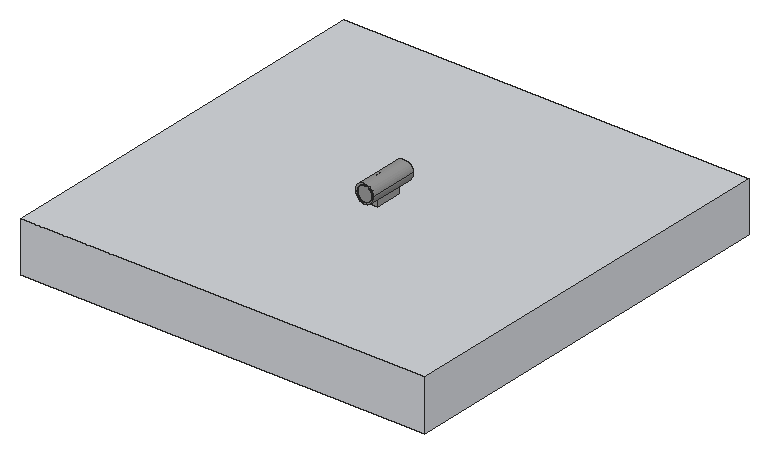
Revit family "LAMP_LUP WALL 110 DIRECT", category Luminarias, Revit 2018
Family settings
  Anfitrión = Cara
  Cota de conector redondo = Diámetro de uso
  Tipo de pieza = Normal
  Corte con vacíos al cargar = No
  Origen de luz = Sí
  Compartido = No
  Punto de cálculo de habitación = No
Parameters (values of type "1295LM 4000 ASYM BLACK")
  Ángulo de inclinación = 0.00°
  Weight = 2.63 kg
  Wattage = 10.6 W
  Type = "COB PHILIPS"
  built-in parameter 1150107 = 4000 (stored number, unit not read)
  built-in parameter 1150110 = 1 (stored number, unit not read)
  built-in parameter 1150109 = 1 (stored number, unit not read)
  built-in parameter 1150112 = 1 (stored number, unit not read)
  built-in parameter 1150113 = 1 (stored number, unit not read)
  built-in parameter 1114218 = 1 (stored number, unit not read)
  Protection rating = "IP65 / IK06"
  Product datasheet = "http://www.lamp.es/product-files/TECH/LW1110DR30AS40NB-EN.pdf"
  Product code = "LW1110DR30AS40NB"
  Product URL = "https://www.lamp.es/en/family/lup-wall-mounted_67131"
  Power Supply = "220-240V 50/60Hz"
  Power = 23 W
  Plum = 25.8 W
  built-in parameter 1150142 = "IESNA:LM-63-2002\r\n[TEST] LW1110DR30AS40NB\r\n[TESTLAB] LAMP S.A.U.\r\n[TESTDATE] 21 Jan 2019\r\n[ISSUEDATE] 21 Jan 2019\r\n[MANUFAC] LAMP S.A.U.\r\n[LUMCAT] LW1110DR30AS40NB\r\n[LUMINAIRE] LUP WALL Ø110 DIR 3000 NW ASYM BK.\r\n[FLASHAREA] 0.001142\r\n[LAMPCAT] PHILIPS SLM 1205 G6\r\n[LAMP] 1 x 1205 G6 NW a 0,65A\r\nTILT=NONE\r\n1 1295.10 1.0 37 25 1 2 -0.075 -0.075 0.001\r\n1.00 1.00 25.80\r\n0.00 2.50 5.00 7.50 10.00 12.50 15.00 17.50 20.00 22.50 \r\n25.00 27.50 30.00 32.50 35.00 37.50 40.00 42.50 45.00 \r\n47.50 50.00 52.50 55.00 57.50 60.00 62.50 65.00 67.50 \r\n70.00 72.50 75.00 77.50 80.00 82.50 85.00 87.50 90.00 \r\n0.00 15.00 30.00 45.00 60.00 75.00 90.00 105.00 120.00 \r\n135.00 150.00 165.00 180.00 195.00 210.00 225.00 240.00 \r\n255.00 270.00 285.00 300.00 315.00 330.00 345.00 360.00 \r\n1515.31 2115.57 2594.23 3088.06 3534.09 3882.66 4126.72 \r\n4285.31 4196.81 3882.19 3426.31 2983.95 2572.89 2109.78 \r\n1706.77 1248.08 763.99 357.23 166.20 89.63 61.01 40.07 \r\n28.36 24.18 20.20 16.82 13.48 10.23 7.43 5.25 3.58 2.04 \r\n1.14 0.56 0.29 0.21 0.04 \r\n1515.31 2095.42 2551.89 3003.14 3405.26 3698.57 3867.33 \r\n3914.93 3781.74 3514.23 3144.33 2749.52 2373.03 1954.99 \r\n1566.56 1126.09 676.99 307.20 151.33 74.72 48.53 33.33 \r\n26.53 22.89 19.39 15.99 12.75 9.67 6.96 4.72 3.05 1.88 \r\n1.03 0.44 0.15 0.05 0.02 \r\n1515.31 2030.50 2420.36 2772.20 3047.16 3213.50 3245.34 \r\n3170.73 2996.84 2780.27 2516.22 2212.11 1901.51 1548.72 \r\n1175.11 770.24 418.47 176.61 91.25 46.43 33.89 27.19 \r\n23.39 20.20 17.01 13.74 10.71 7.99 5.73 3.94 2.41 1.27 \r\n0.66 0.28 0.14 0.09 0.02 \r\n1515.31 1927.49 2224.66 2444.89 2578.84 2629.12 2556.50 \r\n2409.89 2224.48 2029.49 1809.33 1561.79 1328.64 1028.64 \r\n708.27 395.10 176.22 73.41 45.24 30.99 26.71 23.22 20.00 \r\n16.93 13.68 10.66 8.03 5.88 4.16 2.79 1.69 0.92 0.54 0.25 \r\n0.08 0.07 0.03 \r\n1515.31 1793.38 1986.48 2082.21 2088.15 2029.47 1909.67 \r\n1759.28 1594.31 1420.02 1239.59 1054.14 866.96 587.50 \r\n325.66 141.77 54.78 35.29 27.41 23.84 21.53 18.86 15.90 \r\n13.01 10.17 7.67 5.67 4.19 2.98 1.99 1.30 0.82 0.51 0.26 \r\n0.11 0.06 0.01 \r\n1515.31 1644.62 1708.32 1708.23 1647.67 1541.04 1398.21 \r\n1260.53 1139.83 1028.61 906.55 738.48 524.68 288.71 \r\n120.18 49.73 29.77 23.09 20.21 18.17 15.97 13.56 11.15 \r\n8.95 6.75 5.06 3.78 2.79 1.99 1.37 0.89 0.56 0.41 0.27 \r\n0.12 0.02 0.01 \r\n1515.31 1487.46 1423.03 1316.23 1187.81 1055.79 931.25 \r\n826.89 741.93 664.56 559.12 401.80 240.40 103.39 39.95 \r\n24.88 18.34 15.20 13.27 11.43 9.70 8.04 6.64 5.54 4.42 \r\n3.46 2.60 1.93 1.40 0.98 0.65 0.50 0.33 0.15 0.02 0.00 \r\n0.00 \r\n1515.31 1334.73 1155.60 957.59 767.80 601.75 453.65 \r\n328.52 235.84 162.18 101.98 59.07 34.60 22.32 15.60 12.18 \r\n10.15 8.69 7.30 6.09 5.18 4.49 4.00 3.66 3.43 2.93 2.35 \r\n1.82 1.35 0.92 0.66 0.52 0.34 0.15 0.03 0.00 0.00 \r\n1515.31 1204.06 932.77 667.16 440.71 272.34 163.80 96.47 \r\n62.85 41.51 27.24 18.02 13.68 11.21 9.44 8.03 6.93 5.97 \r\n5.14 4.36 3.87 3.49 3.21 2.98 2.76 2.48 2.08 1.53 1.06 \r\n0.78 0.58 0.44 0.33 0.20 0.08 0.01 0.00 \r\n1515.31 1094.84 759.96 468.01 259.64 143.33 89.30 50.76 \r\n34.02 23.47 17.06 13.00 10.50 9.00 7.91 7.09 6.31 5.53 \r\n4.77 4.06 3.69 3.38 3.03 2.65 2.40 1.97 1.51 1.17 0.95 \r\n0.76 0.54 0.42 0.33 0.17 0.03 0.00 0.00 \r\n1515.31 1018.72 639.31 353.33 182.48 108.03 61.37 36.79 \r\n25.65 18.58 13.76 10.70 9.14 7.88 7.01 6.18 5.39 4.71 \r\n4.04 3.44 3.12 2.80 2.42 2.01 1.62 1.17 0.82 0.62 0.51 \r\n0.41 0.32 0.19 0.12 0.08 0.01 0.00 0.00 \r\n1515.31 974.16 577.95 302.99 155.57 88.95 50.34 30.95 \r\n22.03 16.01 12.15 9.94 8.58 7.47 6.54 5.70 4.99 4.41 3.81 \r\n3.35 2.95 2.61 2.26 1.82 1.44 1.05 0.76 0.62 0.51 0.34 \r\n0.20 0.12 0.08 0.06 0.02 0.00 0.00 \r\n1515.31 958.41 555.25 287.23 148.05 82.68 47.40 29.60 \r\n21.08 15.42 11.93 9.80 8.46 7.32 6.48 5.70 4.96 4.38 3.76 \r\n3.17 2.81 2.44 2.04 1.60 1.06 0.85 0.62 0.56 0.53 0.37 \r\n0.19 0.24 0.15 0.07 0.01 0.00 0.00 \r\n1515.31 974.16 577.95 302.99 155.57 88.95 50.34 30.95 \r\n22.03 16.01 12.15 9.94 8.58 7.47 6.54 5.70 4.99 4.41 3.81 \r\n3.35 2.95 2.61 2.26 1.82 1.44 1.05 0.76 0.62 0.51 0.34 \r\n0.20 0.12 0.08 0.06 0.02 0.00 0.00 \r\n1515.31 1018.72 639.31 353.33 182.48 108.03 61.37 36.79 \r\n25.65 18.58 13.76 10.70 9.14 7.88 7.01 6.18 5.39 4.71 \r\n4.04 3.44 3.12 2.80 2.42 2.01 1.62 1.17 0.82 0.62 0.51 \r\n0.41 0.32 0.19 0.12 0.08 0.01 0.00 0.00 \r\n1515.31 1094.84 759.96 468.01 259.64 143.33 89.30 50.76 \r\n34.02 23.47 17.06 13.00 10.50 9.00 7.91 7.09 6.31 5.53 \r\n4.77 4.06 3.69 3.38 3.03 2.65 2.40 1.97 1.51 1.17 0.95 \r\n0.76 0.54 0.42 0.33 0.17 0.03 0.00 0.00 \r\n1515.31 1204.06 932.77 667.16 440.71 272.34 163.80 96.47 \r\n62.85 41.51 27.24 18.02 13.68 11.21 9.44 8.03 6.93 5.97 \r\n5.14 4.36 3.87 3.49 3.21 2.98 2.76 2.48 2.08 1.53 1.06 \r\n0.78 0.58 0.44 0.33 0.20 0.08 0.01 0.00 \r\n1515.31 1334.73 1155.60 957.59 767.80 601.75 453.65 \r\n328.52 235.84 162.18 101.98 59.07 34.60 22.32 15.60 12.18 \r\n10.15 8.69 7.30 6.09 5.18 4.49 4.00 3.66 3.43 2.93 2.35 \r\n1.82 1.35 0.92 0.66 0.52 0.34 0.15 0.03 0.00 0.00 \r\n1515.31 1487.46 1423.03 1316.23 1187.81 1055.79 931.25 \r\n826.89 741.93 664.56 559.12 401.80 240.40 103.39 39.95 \r\n24.88 18.34 15.20 13.27 11.43 9.70 8.04 6.64 5.54 4.42 \r\n3.46 2.60 1.93 1.40 0.98 0.65 0.50 0.33 0.15 0.02 0.00 \r\n0.00 \r\n1515.31 1644.62 1708.32 1708.23 1647.67 1541.04 1398.21 \r\n1260.53 1139.83 1028.61 906.55 738.48 524.68 288.71 \r\n120.18 49.73 29.77 23.09 20.21 18.17 15.97 13.56 11.15 \r\n8.95 6.75 5.06 3.78 2.79 1.99 1.37 0.89 0.56 0.41 0.27 \r\n0.12 0.02 0.01 \r\n1515.31 1793.38 1986.48 2082.21 2088.15 2029.47 1909.67 \r\n1759.28 1594.31 1420.02 1239.59 1054.14 866.96 587.50 \r\n325.66 141.77 54.78 35.29 27.41 23.84 21.53 18.86 15.90 \r\n13.01 10.17 7.67 5.67 4.19 2.98 1.99 1.30 0.82 0.51 0.26 \r\n0.11 0.06 0.01 \r\n1515.31 1927.49 2224.66 2444.89 2578.84 2629.12 2556.50 \r\n2409.89 2224.48 2029.49 1809.33 1561.79 1328.64 1028.64 \r\n708.27 395.10 176.22 73.41 45.24 30.99 26.71 23.22 20.00 \r\n16.93 13.68 10.66 8.03 5.88 4.16 2.79 1.69 0.92 0.54 0.25 \r\n0.08 0.07 0.03 \r\n1515.31 2030.50 2420.36 2772.20 3047.16 3213.50 3245.34 \r\n3170.73 2996.84 2780.27 2516.22 2212.11 1901.51 1548.72 \r\n1175.11 770.24 418.47 176.61 91.25 46.43 33.89 27.19 \r\n23.39 20.20 17.01 13.74 10.71 7.99 5.73 3.94 2.41 1.27 \r\n0.66 0.28 0.14 0.09 0.02 \r\n1515.31 2095.42 2551.89 3003.14 3405.26 3698.57 3867.33 \r\n3914.93 3781.74 3514.23 3144.33 2749.52 2373.03 1954.99 \r\n1566.56 1126.09 676.99 307.20 151.33 74.72 48.53 33.33 \r\n26.53 22.89 19.39 15.99 12.75 9.67 6.96 4.72 3.05 1.88 \r\n1.03 0.44 0.15 0.05 0.02 \r\n1515.31 2115.57 2594.23 3088.06 3534.09 3882.66 4126.72 \r\n4285.31 4196.81 3882.19 3426.31 2983.95 2572.89 2109.78 \r\n1706.77 1248.08 763.99 357.23 166.20 89.63 61.01 40.07 \r\n28.36 24.18 20.20 16.82 13.48 10.23 7.43 5.25 3.58 2.04 \r\n1.14 0.56 0.29 0.21 0.04 \r\n"
  built-in parameter 1150137 = (empty or 0)
  built-in parameter 1150132 = 2
  Material reflector = LAMP_Aluminio Reflector Imag
  Material cuerpo = LAMP_Aluminio perfil Ocult NG
  Material cristal = LAMP_CRISTAL Aro Kombic
  Material COB = LAMP_COB
  Manufacturer name = "LAMP"
  Manufacturer country = "Spain"
  Manufacturer URL = "http://www.lamp.es/en"
  MacAdam = "3"
  Last update = "10/02/2022"
  Lamp = "COB LED"
  LED Lifetime = "50.000 L80 B10"
  built-in parameter 1150105 = 52.914 (stored number, unit not read)
  built-in parameter 1150102 = (empty or 0)
  Insulation class = "I"
  Installation instructions = "https://www.lamp.es/product-files/packed/by-family/67131_INS_all.zip"
  built-in parameter 1150106 = 0.52914 (stored number, unit not read)
  Height = "320"
  Gear = "Electronic"
  Lumens = 664.938 lm
  Finish = "Texturised black RAL 9011"
  Color Filter = 16777215
  built-in parameter 1114217 = 1 (stored number, unit not read)
  built-in parameter 1150139 = (empty or 0)
  Default Elevation = 1219.2 mm
  built-in parameter 1150104 = 5.8278 (stored number, unit not read)
  Efficacy = 50.2 lm/W
  Diameter = "110"
  built-in parameter 1150115 = 1 (stored number, unit not read)
  built-in parameter 1150114 = 1 (stored number, unit not read)
  built-in parameter 1150138 = (empty or 0)
  built-in parameter 1150134 = 3
  Dimming Lamp Color Temperature Shift = (empty or 0)
  CRI = "80"
  Archivo de red fotométrica = "LW1110DR30AS40NB.IES"
  built-in parameter 1150133 = 10 (stored number, unit not read)
Reference planes
  plane 1 "Centro (Frontal/Posterior)": y = 0
  plane 2: z = 0
  plane 3 "Centro (Izquierda/Derecha)": x = 0
Forms (mm)
  Extrusion 1, solid
    sketch origin (0, 0, 0) x (1, 0, 0) y (0, 1, 0)
      loop
        line (-1219.2, 1219.2) -> (-1219.2, -1219.2) -> (1219.2, -1219.2) -> (1219.2, 1219.2) -> (-1219.2, 1219.2)
    from 0 to -304.8
  Extrusion 2, solid, material "LAMP_Aluminio perfil Ocult NG" <- "Material cuerpo"
    sketch origin (0, 0, 0) x (1, 0, 0) y (0, 0, 1)
      loop
        line (-22.5, 0) -> (22.5, 0) -> (22.5, 44.6)
        arc (22.5, 44.6) -> (0, 36.559) -> (-22.5, 44.6) r 35.5
        line (-22.5, 44.6) -> (-22.5, 0)
    from -80 to 80
  Extrusion 3, solid, material "LAMP_Aluminio perfil Ocult NG" <- "Material cuerpo"
    sketch origin (0, 0, 20) x (1, 0, 0) y (0, 0, 1)
      loop
        circle (0, 71.559) r 55
    from -147.5 to 147.5
  Extrusion 4, void
    sketch origin (0, 0, 20) x (1, 0, 0) y (0, 0, 1)
      loop
        circle (0, 71.559) r 44.8
    from -23.917 to 147.5
  Extrusion 5, solid, material "LAMP_CRISTAL Aro Kombic" <- "Material cristal"
    sketch origin (0, 0, 20) x (1, 0, 0) y (0, 0, 1)
      loop
        circle (0, 71.559) r 44.8
    from 146.5 to 147.5
  Revolve 6, solid, material "LAMP_Aluminio Reflector Imag" <- "Material reflector"
    sketch origin (0, -11.159, -7.2) x (0, 0.981627, -0.190809) y (0, 0.190809, 0.981627)
      loop
        line (-156.564, 96.152) -> (-151.699, 71.121) -> (-131.754, 74.998) -> (-112.808, 78.68) -> (-114.335, 86.533) -> (-114.526, 87.515) -> (-115.507, 87.324) -> (-160.247, 115.098) -> (-156.564, 96.152)
      axis (-151.699, 71.121) -> (-112.808, 78.68)
    angle from 0 to 360
  Revolve 7, void
    sketch origin (0, -11.159, -7.2) x (0, 0.981627, -0.190809) y (0, 0.190809, 0.981627)
      loop
        line (-156.564, 96.152) -> (-151.699, 71.121) -> (-131.754, 74.998) -> (-112.808, 78.68) -> (-114.335, 86.533) -> (-115.316, 86.342) -> (-160.056, 114.116) -> (-156.564, 96.152)
      axis (-151.699, 71.121) -> (-112.808, 78.68)
    angle from 0 to 360
  Extrusion 8, solid, material "LAMP_COB" <- "Material COB"
    sketch origin (0, 19.3, 20) x (1, 0, 0) y (0, 0, 1)
      loop
        circle (0, 71.559) r 9
    from 126.182 to 127.182
Cuts and joins
  Extrusion 4 cuts Extrusion 3
  Revolve 7 cuts Revolve 6
Text (mm)
  text "Any modification of the parameters and properties of the LAMP BIM models must be executed and validated by the LAMP technical department.\nPhone: +34 93 736 68 00\nE-mail: lamp@lamp.es\n\nLAMP reserves the right to modify the technical specifications of its products." at (-11425.66, 18778.065, -12918.526), in view "Preview"
Dimensions and locks
  aligned and locked: plane 2 to Extrusion 1
  aligned and locked: level to Extrusion 1
Connectors
  electrical at (0, 0, 0)
    settings: on Extrusion 2, index 1, voltage 230 V, apparent load 0 VA, apparent load phase1 0 VA, apparent load phase2 0 VA, apparent load phase3 0 VA, power factor 1, load classification "Otro", number of poles 1, system type 31, power factor state 1, is connector primary yes, connector utility no, sub classification motor no, connector description ""
